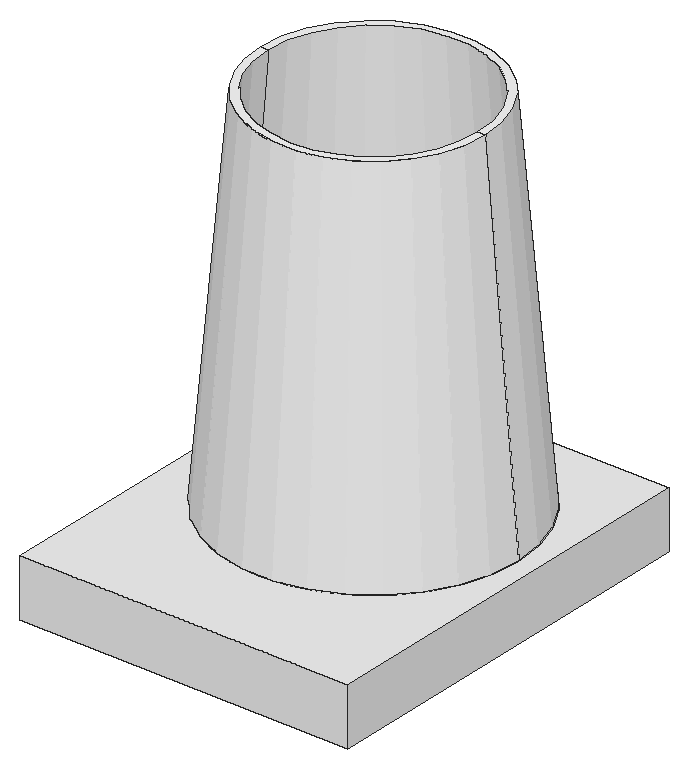
Revit family "Cepillero Vaso", category Furniture, host Wall, Revit 2019
Family settings
  Host = Wall
  OmniClass Number = 23.31.25.00
  OmniClass Title = Toilet and Bath Specialties
  Always vertical = Yes
  Cut with Voids When Loaded = No
  Shared = No
  Room Calculation Point = No
Parameters (values of type "Type 1")
  URL = "https://corona.co/productos/accesorios/kit-de-accesorios/kit-por-6-accesorios-draa/p/DR6065551"
  Resistencia a cargas o peso máximo = "9 kg. (19,84 lb.)"  # constant formula
  Referencia = "DR6055551"  # constant formula
  Profundidad = 105 mm  # constant formula
  Peso Neto aprox = " 420 gr."  # constant formula
  Peso Bruto aprox = "4,8 kg. - 10,58 lb."  # constant formula
  Material = Corona_Cromado
  Manufacturer = "Corona"  # constant formula
  Garantía Acabados = "5 Años"  # constant formula
  Garantía = "30 Años"  # constant formula
  Fecha de creación = "11/08/2020"  # constant formula
  Description = "Adquiere estos accesorios que reflejan las últimas tendencias de diseño y se conviernten en el mejor complemento para tu baño. ¡Todo lo que necitabas está aquí!"  # constant formula
  Creado por = "IDD"  # constant formula
  Ancho = 86 mm  # constant formula
  Altura = 900 mm
  Alto = 115 mm  # constant formula
Reference planes
  plane 1 "Wall": y = 0
  plane 2 "Center (Left/Right)": x = 125
  plane 3 "Back": y = 75
  plane 4: z = 900
  plane 5: x = 168
  plane 6: x = 82
  plane 7: z = 957.5
  plane 8: z = 842.5
  plane 9: y = 180
Text (mm)
  text "Placement Side" at (-1848.837, 1116.779, 0), in view "Ref. Level"
  text "Placement side" at (0, 1409.804, 2854.306), in view "Left"
  text "Placement side" at (0, 499.811, 2980.732), in view "Right"
Dimensions and locks
  locked: plane 3 "Back" to host wall
  equal spacing: plane 8, plane 4, plane 7
  "Alto": plane 8 to plane 7
  equal spacing: plane 6, plane 2 "Center (Left/Right)", plane 5
  "Ancho": plane 6 to plane 5
  "Profundidad": plane 9 to host wall
  plane 4 to plane 8 = 57.5 mm
  "Altura": plane 4 to level
  aligned and locked: plane 1 "Wall" to host wall
  aligned and locked: nested 1 to plane 7
  aligned and locked: plane 7 to nested 2
  aligned and locked: plane 6 to nested 2
  aligned and locked: nested 3 to plane 5
  aligned and locked: nested 3 to host wall
  aligned and locked: nested 4 to plane 7
  aligned and locked: nested 4 to plane 5
  aligned and locked: host wall to nested 2
Nested families
  nested 1: "Lateral" at (125, 75, 842.5) x (0, -1, 0) z (1, 0, 0), type "Lateral"
  nested 2: "Cepillero Vaso" at (168, 127.5, 842.5) x (-1, 0, 0) z (0, 0, 1), type "Cepillero Vaso"
  nested 3: "Planta" at (168, 75, 0) x (-1, 0, 0) z (0, 0, 1), type "Planta"
  nested 4: "Frontal" at (168, 0, 842.5) x (-1, 0, 0) z (0, -1, 0), type "Frontal"
Definition of nested family "Cepillero Vaso"
  Parameters (values of type "Percha Simple")
    Profundidad = 105 mm
    Material = none
    Ancho = 86 mm
    Alto = 115 mm
  Reference planes
    plane 1 "Center (Front/Back)": y = 0
    plane 2: z = 0
    plane 3 "Center (Left/Right)": x = 0
    plane 4: x = 86
    plane 5: y = 52.5
    plane 6: y = -52.5
    plane 7: z = 115
  Forms (mm)
    Extrusion 1, solid, material <- "Material", detail levels coarse
      sketch origin (0, 0, 0) x (1, 0, 0) y (0, 0, 1)
        loop
          line (86, 0) -> (86, 115) -> (0, 115) -> (0, 0) -> (86, 0)
      from -52.5 to 52.5
    Extrusion 2, solid, material <- "Material", detail levels medium+fine
      sketch origin (0, 0, 0) x (1, 0, 0) y (0, 1, 0)
        loop
          line (86, -52.5) -> (86, 52.5) -> (0, 52.5) -> (0, -52.5) -> (86, -52.5)
        loop
          circle (43, -9.5) r 38
      from 3 to 18
    Revolve 3, solid, detail levels medium+fine
      sketch origin (0, -9.5, 18) x (0, 0, -1) y (-1, 0, 0)
        loop
          line (0, -5) -> (-97, -13.486) -> (-97, -15.494) -> (0.087, -7) -> (13, -7) -> (13, -43) -> (18, -43) -> (18, -13) -> (15, -11.268) -> (15, -5) -> (0, -5)
        axis (-97, -43) -> (18, -43)
      angle from 0 to 360
  Dimensions and locks
    equal spacing: plane 5, plane 1 "Center (Front/Back)", plane 6
    "Profundidad": plane 5 to plane 6
    "Ancho": plane 3 "Center (Left/Right)" to plane 4
    "Alto": plane 7 to level
    aligned and locked: level to plane 2
    aligned and locked: level to Extrusion 1 sketch curve
    aligned and locked: plane 4 to Extrusion 1 sketch curve
    aligned and locked: Extrusion 1 sketch curve to plane 7
    aligned and locked: plane 3 "Center (Left/Right)" to Extrusion 1 sketch curve
    aligned and locked: plane 5 to Extrusion 1
    aligned and locked: Extrusion 1 to plane 6
    aligned and locked: Extrusion 2 sketch curve to Extrusion 1  (x2)
    aligned and locked: Extrusion 2 sketch curve to plane 5
    aligned and locked: plane 3 "Center (Left/Right)" to Extrusion 2 sketch curve
  Automatic sketch dimensions
    plane 6 to Extrusion 2 sketch curve = 43 mm
    plane 3 "Center (Left/Right)" to Extrusion 2 sketch curve = 43 mm
    Revolve 3 sketch curve to plane 7 = 0 mm
    Revolve 3 sketch curve to level = 0 mm  (x2)
    plane 3 "Center (Left/Right)" to Revolve 3 sketch curve = 5 mm
    level to Revolve 3 sketch curve = 18 mm
    Revolve 3 sketch curve to Revolve 3 sketch curve = 0.087 mm
    level to Revolve 3 sketch curve = 5 mm
    Revolve 3 sketch curve to Revolve 3 sketch curve = 2 mm  (x2)
    Revolve 3 sketch curve to Revolve 3 sketch curve = 4.268 mm
    Revolve 3 sketch curve to Revolve 3 sketch curve = 1.732 mm
    plane 3 "Center (Left/Right)" to Revolve 3 sketch curve = 13.486 mm
    Revolve 3 sketch curve to Revolve 3 sketch curve = 2.008 mm
    Revolve 3 sketch curve to Revolve 3 sketch curve = 30 mm
    Revolve 3 sketch curve to Revolve 3 sketch curve = 25 mm
    Revolve 3 sketch curve to Revolve 3 sketch curve = 0 mm
    radius of Extrusion 2 sketch curve = 38 mm
Definition of nested family "Lateral"
  Reference planes
    plane 1 "Center (Front/Back)": y = 0
    plane 2: z = 0
    plane 3 "Center (Left/Right)": x = 0
    plane 4: y = 115
    plane 5: x = -105
  Lines and regions (mm)
    detail lines, in view "Ref. Level"
      curve 1: line (-105, 5, 0) -> (0, 5, 0)
      curve 2: line (-105, 20, 0) -> (-105, 5, 0)
      curve 3: line (0, 20, 0) -> (-105, 20, 0)
      curve 4: line (0, 5, 0) -> (0, 20, 0)
      curve 5: line (-100, 20, 0) -> (-93.357, 115, 0)
      curve 6: line (-96.777, 5, 0) -> (-95.437, 0, 0)
      curve 7: line (-34.375, 20, 0) -> (-41.018, 115, 0)
      curve 8: line (-37.598, 5, 0) -> (-38.938, 0, 0)
      curve 9: line (-93.357, 115, 0) -> (-41.018, 115, 0)
      curve 10: line (-38.938, 0, 0) -> (-95.437, 0, 0)
Definition of nested family "Planta"
  Reference planes
    plane 1 "Center (Front/Back)": y = 0
    plane 2: z = 0
    plane 3 "Center (Left/Right)": x = 0
    plane 4: x = 86
    plane 5: y = 105
  Lines and regions (mm)
    detail lines, in view "Ref. Level"
      curve 1: line (0, 105, 0) -> (86, 105, 0)
      curve 2: line (0, 0, 0) -> (0, 105, 0)
      curve 3: line (86, 0, 0) -> (0, 0, 0)
      curve 4: line (86, 105, 0) -> (86, 0, 0)
      curve 5: circle (43, 62, 0) r 38 normal (0, 0, 1)
      curve 6: circle (43, 62, 0) r 33 normal (0, 0, 1)
Definition of nested family "Frontal"
  Reference planes
    plane 1 "Center (Front/Back)": y = 0
    plane 2: z = 0
    plane 3 "Center (Left/Right)": x = 0
    plane 4: x = 86
    plane 5: y = 115
  Lines and regions (mm)
    detail lines, in view "Ref. Level"
      curve 1: line (0, 5, 0) -> (86, 5, 0)
      curve 2: line (0, 20, 0) -> (0, 5, 0)
      curve 3: line (86, 20, 0) -> (0, 20, 0)
      curve 4: line (86, 5, 0) -> (86, 20, 0)
      curve 5: line (5, 20, 0) -> (9.979, 115, 0)
      curve 6: line (10, 5, 0) -> (12.887, 0, 0)
      curve 7: line (81, 20, 0) -> (76.021, 115, 0)
      curve 8: line (76, 5, 0) -> (73.113, 0, 0)
      curve 9: line (9.979, 115, 0) -> (76.021, 115, 0)
      curve 10: line (73.113, 0, 0) -> (12.887, 0, 0)
